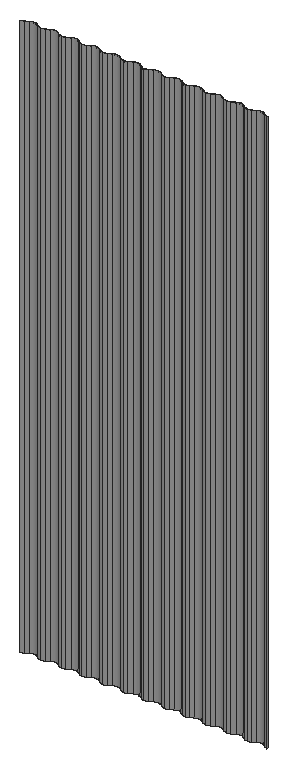
Revit family "Перфорированная панель", category Обобщенные модели, Revit 2021 (continued)
Forms (mm)
  Extrusion 677, void, not visible
    sketch origin (-450, 84.806, 1425) x (1, 0, 0) y (0, 0, 1)
      loop
        circle (1122.758, 20.908) r 15
    from 0 to 150
  Extrusion 678, void, not visible
    sketch origin (-540, 84.806, 1425) x (1, 0, 0) y (0, 0, 1)
      loop
        circle (1122.758, 20.908) r 15
    from 0 to 150
  Extrusion 679, void, not visible
    sketch origin (-630, 84.806, 1425) x (1, 0, 0) y (0, 0, 1)
      loop
        circle (1122.758, 20.908) r 15
    from 0 to 150
  Extrusion 680, void, not visible
    sketch origin (-720, 84.806, 1425) x (1, 0, 0) y (0, 0, 1)
      loop
        circle (1122.758, 20.908) r 15
    from 0 to 150
  Extrusion 681, void, not visible
    sketch origin (-810, 84.806, 1425) x (1, 0, 0) y (0, 0, 1)
      loop
        circle (1122.758, 20.908) r 15
    from 0 to 150
  Extrusion 682, void, not visible
    sketch origin (-900, 84.806, 1425) x (1, 0, 0) y (0, 0, 1)
      loop
        circle (1122.758, 20.908) r 15
    from 0 to 150
  Extrusion 683, void, not visible
    sketch origin (-990, 84.806, 1425) x (1, 0, 0) y (0, 0, 1)
      loop
        circle (1122.758, 20.908) r 15
    from 0 to 150
  Extrusion 684, void, not visible
    sketch origin (0, 84.806, 1500) x (1, 0, 0) y (0, 0, 1)
      loop
        circle (1122.758, 20.908) r 15
    from 0 to 150
  Extrusion 685, void, not visible
    sketch origin (-90, 84.806, 1500) x (1, 0, 0) y (0, 0, 1)
      loop
        circle (1122.758, 20.908) r 15
    from 0 to 150
  Extrusion 686, void, not visible
    sketch origin (-180, 84.806, 1500) x (1, 0, 0) y (0, 0, 1)
      loop
        circle (1122.758, 20.908) r 15
    from 0 to 150
  Extrusion 687, void, not visible
    sketch origin (-270, 84.806, 1500) x (1, 0, 0) y (0, 0, 1)
      loop
        circle (1122.758, 20.908) r 15
    from 0 to 150
  Extrusion 688, void, not visible
    sketch origin (-360, 84.806, 1500) x (1, 0, 0) y (0, 0, 1)
      loop
        circle (1122.758, 20.908) r 15
    from 0 to 150
  Extrusion 689, void, not visible
    sketch origin (-450, 84.806, 1500) x (1, 0, 0) y (0, 0, 1)
      loop
        circle (1122.758, 20.908) r 15
    from 0 to 150
  Extrusion 690, void, not visible
    sketch origin (-540, 84.806, 1500) x (1, 0, 0) y (0, 0, 1)
      loop
        circle (1122.758, 20.908) r 15
    from 0 to 150
  Extrusion 691, void, not visible
    sketch origin (-630, 84.806, 1500) x (1, 0, 0) y (0, 0, 1)
      loop
        circle (1122.758, 20.908) r 15
    from 0 to 150
  Extrusion 692, void, not visible
    sketch origin (-720, 84.806, 1500) x (1, 0, 0) y (0, 0, 1)
      loop
        circle (1122.758, 20.908) r 15
    from 0 to 150
  Extrusion 693, void, not visible
    sketch origin (-810, 84.806, 1500) x (1, 0, 0) y (0, 0, 1)
      loop
        circle (1122.758, 20.908) r 15
    from 0 to 150
  Extrusion 694, void, not visible
    sketch origin (-900, 84.806, 1500) x (1, 0, 0) y (0, 0, 1)
      loop
        circle (1122.758, 20.908) r 15
    from 0 to 150
  Extrusion 695, void, not visible
    sketch origin (-990, 84.806, 1500) x (1, 0, 0) y (0, 0, 1)
      loop
        circle (1122.758, 20.908) r 15
    from 0 to 150
  Extrusion 696, void, not visible
    sketch origin (0, 84.806, 1575) x (1, 0, 0) y (0, 0, 1)
      loop
        circle (1122.758, 20.908) r 15
    from 0 to 150
  Extrusion 697, void, not visible
    sketch origin (-90, 84.806, 1575) x (1, 0, 0) y (0, 0, 1)
      loop
        circle (1122.758, 20.908) r 15
    from 0 to 150
  Extrusion 698, void, not visible
    sketch origin (-180, 84.806, 1575) x (1, 0, 0) y (0, 0, 1)
      loop
        circle (1122.758, 20.908) r 15
    from 0 to 150
  Extrusion 699, void, not visible
    sketch origin (-270, 84.806, 1575) x (1, 0, 0) y (0, 0, 1)
      loop
        circle (1122.758, 20.908) r 15
    from 0 to 150
  Extrusion 700, void, not visible
    sketch origin (-360, 84.806, 1575) x (1, 0, 0) y (0, 0, 1)
      loop
        circle (1122.758, 20.908) r 15
    from 0 to 150
  Extrusion 701, void, not visible
    sketch origin (-450, 84.806, 1575) x (1, 0, 0) y (0, 0, 1)
      loop
        circle (1122.758, 20.908) r 15
    from 0 to 150
  Extrusion 702, void, not visible
    sketch origin (-540, 84.806, 1575) x (1, 0, 0) y (0, 0, 1)
      loop
        circle (1122.758, 20.908) r 15
    from 0 to 150
  Extrusion 703, void, not visible
    sketch origin (-630, 84.806, 1575) x (1, 0, 0) y (0, 0, 1)
      loop
        circle (1122.758, 20.908) r 15
    from 0 to 150
  Extrusion 704, void, not visible
    sketch origin (-720, 84.806, 1575) x (1, 0, 0) y (0, 0, 1)
      loop
        circle (1122.758, 20.908) r 15
    from 0 to 150
  Extrusion 705, void, not visible
    sketch origin (-810, 84.806, 1575) x (1, 0, 0) y (0, 0, 1)
      loop
        circle (1122.758, 20.908) r 15
    from 0 to 150
  Extrusion 706, void, not visible
    sketch origin (-900, 84.806, 1575) x (1, 0, 0) y (0, 0, 1)
      loop
        circle (1122.758, 20.908) r 15
    from 0 to 150
  Extrusion 707, void, not visible
    sketch origin (-990, 84.806, 1575) x (1, 0, 0) y (0, 0, 1)
      loop
        circle (1122.758, 20.908) r 15
    from 0 to 150
  Extrusion 708, void, not visible
    sketch origin (0, 84.806, 1650) x (1, 0, 0) y (0, 0, 1)
      loop
        circle (1122.758, 20.908) r 15
    from 0 to 150
  Extrusion 709, void, not visible
    sketch origin (-90, 84.806, 1650) x (1, 0, 0) y (0, 0, 1)
      loop
        circle (1122.758, 20.908) r 15
    from 0 to 150
  Extrusion 710, void, not visible
    sketch origin (-180, 84.806, 1650) x (1, 0, 0) y (0, 0, 1)
      loop
        circle (1122.758, 20.908) r 15
    from 0 to 150
  Extrusion 711, void, not visible
    sketch origin (-270, 84.806, 1650) x (1, 0, 0) y (0, 0, 1)
      loop
        circle (1122.758, 20.908) r 15
    from 0 to 150
  Extrusion 712, void, not visible
    sketch origin (-360, 84.806, 1650) x (1, 0, 0) y (0, 0, 1)
      loop
        circle (1122.758, 20.908) r 15
    from 0 to 150
  Extrusion 713, void, not visible
    sketch origin (-450, 84.806, 1650) x (1, 0, 0) y (0, 0, 1)
      loop
        circle (1122.758, 20.908) r 15
    from 0 to 150
  Extrusion 714, void, not visible
    sketch origin (-540, 84.806, 1650) x (1, 0, 0) y (0, 0, 1)
      loop
        circle (1122.758, 20.908) r 15
    from 0 to 150
  Extrusion 715, void, not visible
    sketch origin (-630, 84.806, 1650) x (1, 0, 0) y (0, 0, 1)
      loop
        circle (1122.758, 20.908) r 15
    from 0 to 150
  Extrusion 716, void, not visible
    sketch origin (-720, 84.806, 1650) x (1, 0, 0) y (0, 0, 1)
      loop
        circle (1122.758, 20.908) r 15
    from 0 to 150
  Extrusion 717, void, not visible
    sketch origin (-810, 84.806, 1650) x (1, 0, 0) y (0, 0, 1)
      loop
        circle (1122.758, 20.908) r 15
    from 0 to 150
  Extrusion 718, void, not visible
    sketch origin (-900, 84.806, 1650) x (1, 0, 0) y (0, 0, 1)
      loop
        circle (1122.758, 20.908) r 15
    from 0 to 150
  Extrusion 719, void, not visible
    sketch origin (-990, 84.806, 1650) x (1, 0, 0) y (0, 0, 1)
      loop
        circle (1122.758, 20.908) r 15
    from 0 to 150
  Extrusion 720, void, not visible
    sketch origin (0, 84.806, 1725) x (1, 0, 0) y (0, 0, 1)
      loop
        circle (1122.758, 20.908) r 15
    from 0 to 150
  Extrusion 721, void, not visible
    sketch origin (-90, 84.806, 1725) x (1, 0, 0) y (0, 0, 1)
      loop
        circle (1122.758, 20.908) r 15
    from 0 to 150
  Extrusion 722, void, not visible
    sketch origin (-180, 84.806, 1725) x (1, 0, 0) y (0, 0, 1)
      loop
        circle (1122.758, 20.908) r 15
    from 0 to 150
  Extrusion 723, void, not visible
    sketch origin (-270, 84.806, 1725) x (1, 0, 0) y (0, 0, 1)
      loop
        circle (1122.758, 20.908) r 15
    from 0 to 150
  Extrusion 724, void, not visible
    sketch origin (-360, 84.806, 1725) x (1, 0, 0) y (0, 0, 1)
      loop
        circle (1122.758, 20.908) r 15
    from 0 to 150
  Extrusion 725, void, not visible
    sketch origin (-450, 84.806, 1725) x (1, 0, 0) y (0, 0, 1)
      loop
        circle (1122.758, 20.908) r 15
    from 0 to 150
  Extrusion 726, void, not visible
    sketch origin (-540, 84.806, 1725) x (1, 0, 0) y (0, 0, 1)
      loop
        circle (1122.758, 20.908) r 15
    from 0 to 150
  Extrusion 727, void, not visible
    sketch origin (-630, 84.806, 1725) x (1, 0, 0) y (0, 0, 1)
      loop
        circle (1122.758, 20.908) r 15
    from 0 to 150
  Extrusion 728, void, not visible
    sketch origin (-720, 84.806, 1725) x (1, 0, 0) y (0, 0, 1)
      loop
        circle (1122.758, 20.908) r 15
    from 0 to 150
  Extrusion 729, void, not visible
    sketch origin (-810, 84.806, 1725) x (1, 0, 0) y (0, 0, 1)
      loop
        circle (1122.758, 20.908) r 15
    from 0 to 150
  Extrusion 730, void, not visible
    sketch origin (-900, 84.806, 1725) x (1, 0, 0) y (0, 0, 1)
      loop
        circle (1122.758, 20.908) r 15
    from 0 to 150
  Extrusion 731, void, not visible
    sketch origin (-990, 84.806, 1725) x (1, 0, 0) y (0, 0, 1)
      loop
        circle (1122.758, 20.908) r 15
    from 0 to 150
  Extrusion 732, void, not visible
    sketch origin (0, 84.806, 1800) x (1, 0, 0) y (0, 0, 1)
      loop
        circle (1122.758, 20.908) r 15
    from 0 to 150
  Extrusion 733, void, not visible
    sketch origin (-90, 84.806, 1800) x (1, 0, 0) y (0, 0, 1)
      loop
        circle (1122.758, 20.908) r 15
    from 0 to 150
  Extrusion 734, void, not visible
    sketch origin (-180, 84.806, 1800) x (1, 0, 0) y (0, 0, 1)
      loop
        circle (1122.758, 20.908) r 15
    from 0 to 150
  Extrusion 735, void, not visible
    sketch origin (-270, 84.806, 1800) x (1, 0, 0) y (0, 0, 1)
      loop
        circle (1122.758, 20.908) r 15
    from 0 to 150
  Extrusion 736, void, not visible
    sketch origin (-360, 84.806, 1800) x (1, 0, 0) y (0, 0, 1)
      loop
        circle (1122.758, 20.908) r 15
    from 0 to 150
  Extrusion 737, void, not visible
    sketch origin (-450, 84.806, 1800) x (1, 0, 0) y (0, 0, 1)
      loop
        circle (1122.758, 20.908) r 15
    from 0 to 150
  Extrusion 738, void, not visible
    sketch origin (-540, 84.806, 1800) x (1, 0, 0) y (0, 0, 1)
      loop
        circle (1122.758, 20.908) r 15
    from 0 to 150
  Extrusion 739, void, not visible
    sketch origin (-630, 84.806, 1800) x (1, 0, 0) y (0, 0, 1)
      loop
        circle (1122.758, 20.908) r 15
    from 0 to 150
  Extrusion 740, void, not visible
    sketch origin (-720, 84.806, 1800) x (1, 0, 0) y (0, 0, 1)
      loop
        circle (1122.758, 20.908) r 15
    from 0 to 150
  Extrusion 741, void, not visible
    sketch origin (-810, 84.806, 1800) x (1, 0, 0) y (0, 0, 1)
      loop
        circle (1122.758, 20.908) r 15
    from 0 to 150
  Extrusion 742, void, not visible
    sketch origin (-900, 84.806, 1800) x (1, 0, 0) y (0, 0, 1)
      loop
        circle (1122.758, 20.908) r 15
    from 0 to 150
  Extrusion 743, void, not visible
    sketch origin (-990, 84.806, 1800) x (1, 0, 0) y (0, 0, 1)
      loop
        circle (1122.758, 20.908) r 15
    from 0 to 150
  Extrusion 744, void, not visible
    sketch origin (0, 84.806, 1875) x (1, 0, 0) y (0, 0, 1)
      loop
        circle (1122.758, 20.908) r 15
    from 0 to 150
  Extrusion 745, void, not visible
    sketch origin (-90, 84.806, 1875) x (1, 0, 0) y (0, 0, 1)
      loop
        circle (1122.758, 20.908) r 15
    from 0 to 150
  Extrusion 746, void, not visible
    sketch origin (-180, 84.806, 1875) x (1, 0, 0) y (0, 0, 1)
      loop
        circle (1122.758, 20.908) r 15
    from 0 to 150
  Extrusion 747, void, not visible
    sketch origin (-270, 84.806, 1875) x (1, 0, 0) y (0, 0, 1)
      loop
        circle (1122.758, 20.908) r 15
    from 0 to 150
  Extrusion 748, void, not visible
    sketch origin (-360, 84.806, 1875) x (1, 0, 0) y (0, 0, 1)
      loop
        circle (1122.758, 20.908) r 15
    from 0 to 150
  Extrusion 749, void, not visible
    sketch origin (-450, 84.806, 1875) x (1, 0, 0) y (0, 0, 1)
      loop
        circle (1122.758, 20.908) r 15
    from 0 to 150
  Extrusion 750, void, not visible
    sketch origin (-540, 84.806, 1875) x (1, 0, 0) y (0, 0, 1)
      loop
        circle (1122.758, 20.908) r 15
    from 0 to 150
  Extrusion 751, void, not visible
    sketch origin (-630, 84.806, 1875) x (1, 0, 0) y (0, 0, 1)
      loop
        circle (1122.758, 20.908) r 15
    from 0 to 150
  Extrusion 752, void, not visible
    sketch origin (-720, 84.806, 1875) x (1, 0, 0) y (0, 0, 1)
      loop
        circle (1122.758, 20.908) r 15
    from 0 to 150
  Extrusion 753, void, not visible
    sketch origin (-810, 84.806, 1875) x (1, 0, 0) y (0, 0, 1)
      loop
        circle (1122.758, 20.908) r 15
    from 0 to 150
  Extrusion 754, void, not visible
    sketch origin (-900, 84.806, 1875) x (1, 0, 0) y (0, 0, 1)
      loop
        circle (1122.758, 20.908) r 15
    from 0 to 150
  Extrusion 755, void, not visible
    sketch origin (-990, 84.806, 1875) x (1, 0, 0) y (0, 0, 1)
      loop
        circle (1122.758, 20.908) r 15
    from 0 to 150
  Extrusion 756, void, not visible
    sketch origin (0, 84.806, 1950) x (1, 0, 0) y (0, 0, 1)
      loop
        circle (1122.758, 20.908) r 15
    from 0 to 150
  Extrusion 757, void, not visible
    sketch origin (-90, 84.806, 1950) x (1, 0, 0) y (0, 0, 1)
      loop
        circle (1122.758, 20.908) r 15
    from 0 to 150
  Extrusion 758, void, not visible
    sketch origin (-180, 84.806, 1950) x (1, 0, 0) y (0, 0, 1)
      loop
        circle (1122.758, 20.908) r 15
    from 0 to 150
  Extrusion 759, void, not visible
    sketch origin (-270, 84.806, 1950) x (1, 0, 0) y (0, 0, 1)
      loop
        circle (1122.758, 20.908) r 15
    from 0 to 150
  Extrusion 760, void, not visible
    sketch origin (-360, 84.806, 1950) x (1, 0, 0) y (0, 0, 1)
      loop
        circle (1122.758, 20.908) r 15
    from 0 to 150
  Extrusion 761, void, not visible
    sketch origin (-450, 84.806, 1950) x (1, 0, 0) y (0, 0, 1)
      loop
        circle (1122.758, 20.908) r 15
    from 0 to 150
  Extrusion 762, void, not visible
    sketch origin (-540, 84.806, 1950) x (1, 0, 0) y (0, 0, 1)
      loop
        circle (1122.758, 20.908) r 15
    from 0 to 150
  Extrusion 763, void, not visible
    sketch origin (-630, 84.806, 1950) x (1, 0, 0) y (0, 0, 1)
      loop
        circle (1122.758, 20.908) r 15
    from 0 to 150
  Extrusion 764, void, not visible
    sketch origin (-720, 84.806, 1950) x (1, 0, 0) y (0, 0, 1)
      loop
        circle (1122.758, 20.908) r 15
    from 0 to 150
  Extrusion 765, void, not visible
    sketch origin (-810, 84.806, 1950) x (1, 0, 0) y (0, 0, 1)
      loop
        circle (1122.758, 20.908) r 15
    from 0 to 150
  Extrusion 766, void, not visible
    sketch origin (-900, 84.806, 1950) x (1, 0, 0) y (0, 0, 1)
      loop
        circle (1122.758, 20.908) r 15
    from 0 to 150
  Extrusion 767, void, not visible
    sketch origin (-990, 84.806, 1950) x (1, 0, 0) y (0, 0, 1)
      loop
        circle (1122.758, 20.908) r 15
    from 0 to 150
  Extrusion 768, void, not visible
    sketch origin (0, 84.806, 2025) x (1, 0, 0) y (0, 0, 1)
      loop
        circle (1122.758, 20.908) r 15
    from 0 to 150
  Extrusion 769, void, not visible
    sketch origin (-90, 84.806, 2025) x (1, 0, 0) y (0, 0, 1)
      loop
        circle (1122.758, 20.908) r 15
    from 0 to 150
  Extrusion 770, void, not visible
    sketch origin (-180, 84.806, 2025) x (1, 0, 0) y (0, 0, 1)
      loop
        circle (1122.758, 20.908) r 15
    from 0 to 150
  Extrusion 771, void, not visible
    sketch origin (-270, 84.806, 2025) x (1, 0, 0) y (0, 0, 1)
      loop
        circle (1122.758, 20.908) r 15
    from 0 to 150
  Extrusion 772, void, not visible
    sketch origin (-360, 84.806, 2025) x (1, 0, 0) y (0, 0, 1)
      loop
        circle (1122.758, 20.908) r 15
    from 0 to 150
  Extrusion 773, void, not visible
    sketch origin (-450, 84.806, 2025) x (1, 0, 0) y (0, 0, 1)
      loop
        circle (1122.758, 20.908) r 15
    from 0 to 150
  Extrusion 774, void, not visible
    sketch origin (-540, 84.806, 2025) x (1, 0, 0) y (0, 0, 1)
      loop
        circle (1122.758, 20.908) r 15
    from 0 to 150
  Extrusion 775, void, not visible
    sketch origin (-630, 84.806, 2025) x (1, 0, 0) y (0, 0, 1)
      loop
        circle (1122.758, 20.908) r 15
    from 0 to 150
  Extrusion 776, void, not visible
    sketch origin (-720, 84.806, 2025) x (1, 0, 0) y (0, 0, 1)
      loop
        circle (1122.758, 20.908) r 15
    from 0 to 150
  Extrusion 777, void, not visible
    sketch origin (-810, 84.806, 2025) x (1, 0, 0) y (0, 0, 1)
      loop
        circle (1122.758, 20.908) r 15
    from 0 to 150
  Extrusion 778, void, not visible
    sketch origin (-900, 84.806, 2025) x (1, 0, 0) y (0, 0, 1)
      loop
        circle (1122.758, 20.908) r 15
    from 0 to 150
  Extrusion 779, void, not visible
    sketch origin (-990, 84.806, 2025) x (1, 0, 0) y (0, 0, 1)
      loop
        circle (1122.758, 20.908) r 15
    from 0 to 150
  Extrusion 780, void, not visible
    sketch origin (0, 84.806, 2100) x (1, 0, 0) y (0, 0, 1)
      loop
        circle (1122.758, 20.908) r 15
    from 0 to 150
  Extrusion 781, void, not visible
    sketch origin (-90, 84.806, 2100) x (1, 0, 0) y (0, 0, 1)
      loop
        circle (1122.758, 20.908) r 15
    from 0 to 150
  Extrusion 782, void, not visible
    sketch origin (-180, 84.806, 2100) x (1, 0, 0) y (0, 0, 1)
      loop
        circle (1122.758, 20.908) r 15
    from 0 to 150
  Extrusion 783, void, not visible
    sketch origin (-270, 84.806, 2100) x (1, 0, 0) y (0, 0, 1)
      loop
        circle (1122.758, 20.908) r 15
    from 0 to 150
  Extrusion 784, void, not visible
    sketch origin (-360, 84.806, 2100) x (1, 0, 0) y (0, 0, 1)
      loop
        circle (1122.758, 20.908) r 15
    from 0 to 150
  Extrusion 785, void, not visible
    sketch origin (-450, 84.806, 2100) x (1, 0, 0) y (0, 0, 1)
      loop
        circle (1122.758, 20.908) r 15
    from 0 to 150
  Extrusion 786, void, not visible
    sketch origin (-540, 84.806, 2100) x (1, 0, 0) y (0, 0, 1)
      loop
        circle (1122.758, 20.908) r 15
    from 0 to 150
  Extrusion 787, void, not visible
    sketch origin (-630, 84.806, 2100) x (1, 0, 0) y (0, 0, 1)
      loop
        circle (1122.758, 20.908) r 15
    from 0 to 150
  Extrusion 788, void, not visible
    sketch origin (-720, 84.806, 2100) x (1, 0, 0) y (0, 0, 1)
      loop
        circle (1122.758, 20.908) r 15
    from 0 to 150
  Extrusion 789, void, not visible
    sketch origin (-810, 84.806, 2100) x (1, 0, 0) y (0, 0, 1)
      loop
        circle (1122.758, 20.908) r 15
    from 0 to 150
  Extrusion 790, void, not visible
    sketch origin (-900, 84.806, 2100) x (1, 0, 0) y (0, 0, 1)
      loop
        circle (1122.758, 20.908) r 15
    from 0 to 150
  Extrusion 791, void, not visible
    sketch origin (-990, 84.806, 2100) x (1, 0, 0) y (0, 0, 1)
      loop
        circle (1122.758, 20.908) r 15
    from 0 to 150
  Extrusion 792, void, not visible
    sketch origin (0, 84.806, 2175) x (1, 0, 0) y (0, 0, 1)
      loop
        circle (1122.758, 20.908) r 15
    from 0 to 150
  Extrusion 793, void, not visible
    sketch origin (-90, 84.806, 2175) x (1, 0, 0) y (0, 0, 1)
      loop
        circle (1122.758, 20.908) r 15
    from 0 to 150
  Extrusion 794, void, not visible
    sketch origin (-180, 84.806, 2175) x (1, 0, 0) y (0, 0, 1)
      loop
        circle (1122.758, 20.908) r 15
    from 0 to 150
  Extrusion 795, void, not visible
    sketch origin (-270, 84.806, 2175) x (1, 0, 0) y (0, 0, 1)
      loop
        circle (1122.758, 20.908) r 15
    from 0 to 150
  Extrusion 796, void, not visible
    sketch origin (-360, 84.806, 2175) x (1, 0, 0) y (0, 0, 1)
      loop
        circle (1122.758, 20.908) r 15
    from 0 to 150
  Extrusion 797, void, not visible
    sketch origin (-450, 84.806, 2175) x (1, 0, 0) y (0, 0, 1)
      loop
        circle (1122.758, 20.908) r 15
    from 0 to 150
  Extrusion 798, void, not visible
    sketch origin (-540, 84.806, 2175) x (1, 0, 0) y (0, 0, 1)
      loop
        circle (1122.758, 20.908) r 15
    from 0 to 150
  Extrusion 799, void, not visible
    sketch origin (-630, 84.806, 2175) x (1, 0, 0) y (0, 0, 1)
      loop
        circle (1122.758, 20.908) r 15
    from 0 to 150
  Extrusion 800, void, not visible
    sketch origin (-720, 84.806, 2175) x (1, 0, 0) y (0, 0, 1)
      loop
        circle (1122.758, 20.908) r 15
    from 0 to 150
  Extrusion 801, void, not visible
    sketch origin (-810, 84.806, 2175) x (1, 0, 0) y (0, 0, 1)
      loop
        circle (1122.758, 20.908) r 15
    from 0 to 150
  Extrusion 802, void, not visible
    sketch origin (-900, 84.806, 2175) x (1, 0, 0) y (0, 0, 1)
      loop
        circle (1122.758, 20.908) r 15
    from 0 to 150
  Extrusion 803, void, not visible
    sketch origin (-990, 84.806, 2175) x (1, 0, 0) y (0, 0, 1)
      loop
        circle (1122.758, 20.908) r 15
    from 0 to 150
  Extrusion 804, void, not visible
    sketch origin (0, 84.806, 2250) x (1, 0, 0) y (0, 0, 1)
      loop
        circle (1122.758, 20.908) r 15
    from 0 to 150
  Extrusion 805, void, not visible
    sketch origin (-90, 84.806, 2250) x (1, 0, 0) y (0, 0, 1)
      loop
        circle (1122.758, 20.908) r 15
    from 0 to 150
  Extrusion 806, void, not visible
    sketch origin (-180, 84.806, 2250) x (1, 0, 0) y (0, 0, 1)
      loop
        circle (1122.758, 20.908) r 15
    from 0 to 150
  Extrusion 807, void, not visible
    sketch origin (-270, 84.806, 2250) x (1, 0, 0) y (0, 0, 1)
      loop
        circle (1122.758, 20.908) r 15
    from 0 to 150
  Extrusion 808, void, not visible
    sketch origin (-360, 84.806, 2250) x (1, 0, 0) y (0, 0, 1)
      loop
        circle (1122.758, 20.908) r 15
    from 0 to 150
  Extrusion 809, void, not visible
    sketch origin (-450, 84.806, 2250) x (1, 0, 0) y (0, 0, 1)
      loop
        circle (1122.758, 20.908) r 15
    from 0 to 150
  Extrusion 810, void, not visible
    sketch origin (-540, 84.806, 2250) x (1, 0, 0) y (0, 0, 1)
      loop
        circle (1122.758, 20.908) r 15
    from 0 to 150
  Extrusion 811, void, not visible
    sketch origin (-630, 84.806, 2250) x (1, 0, 0) y (0, 0, 1)
      loop
        circle (1122.758, 20.908) r 15
    from 0 to 150
  Extrusion 812, void, not visible
    sketch origin (-720, 84.806, 2250) x (1, 0, 0) y (0, 0, 1)
      loop
        circle (1122.758, 20.908) r 15
    from 0 to 150
  Extrusion 813, void, not visible
    sketch origin (-810, 84.806, 2250) x (1, 0, 0) y (0, 0, 1)
      loop
        circle (1122.758, 20.908) r 15
    from 0 to 150
  Extrusion 814, void, not visible
    sketch origin (-900, 84.806, 2250) x (1, 0, 0) y (0, 0, 1)
      loop
        circle (1122.758, 20.908) r 15
    from 0 to 150
  Extrusion 815, void, not visible
    sketch origin (-990, 84.806, 2250) x (1, 0, 0) y (0, 0, 1)
      loop
        circle (1122.758, 20.908) r 15
    from 0 to 150
  Extrusion 816, void, not visible
    sketch origin (0, 84.806, 2325) x (1, 0, 0) y (0, 0, 1)
      loop
        circle (1122.758, 20.908) r 15
    from 0 to 150
  Extrusion 817, void, not visible
    sketch origin (-90, 84.806, 2325) x (1, 0, 0) y (0, 0, 1)
      loop
        circle (1122.758, 20.908) r 15
    from 0 to 150
  Extrusion 818, void, not visible
    sketch origin (-180, 84.806, 2325) x (1, 0, 0) y (0, 0, 1)
      loop
        circle (1122.758, 20.908) r 15
    from 0 to 150
  Extrusion 819, void, not visible
    sketch origin (-270, 84.806, 2325) x (1, 0, 0) y (0, 0, 1)
      loop
        circle (1122.758, 20.908) r 15
    from 0 to 150
  Extrusion 820, void, not visible
    sketch origin (-360, 84.806, 2325) x (1, 0, 0) y (0, 0, 1)
      loop
        circle (1122.758, 20.908) r 15
    from 0 to 150
  Extrusion 821, void, not visible
    sketch origin (-450, 84.806, 2325) x (1, 0, 0) y (0, 0, 1)
      loop
        circle (1122.758, 20.908) r 15
    from 0 to 150
  Extrusion 822, void, not visible
    sketch origin (-540, 84.806, 2325) x (1, 0, 0) y (0, 0, 1)
      loop
        circle (1122.758, 20.908) r 15
    from 0 to 150
  Extrusion 823, void, not visible
    sketch origin (-630, 84.806, 2325) x (1, 0, 0) y (0, 0, 1)
      loop
        circle (1122.758, 20.908) r 15
    from 0 to 150
  Extrusion 824, void, not visible
    sketch origin (-720, 84.806, 2325) x (1, 0, 0) y (0, 0, 1)
      loop
        circle (1122.758, 20.908) r 15
    from 0 to 150
  Extrusion 825, void, not visible
    sketch origin (-810, 84.806, 2325) x (1, 0, 0) y (0, 0, 1)
      loop
        circle (1122.758, 20.908) r 15
    from 0 to 150
  Extrusion 826, void, not visible
    sketch origin (-900, 84.806, 2325) x (1, 0, 0) y (0, 0, 1)
      loop
        circle (1122.758, 20.908) r 15
    from 0 to 150
  Extrusion 827, void, not visible
    sketch origin (-990, 84.806, 2325) x (1, 0, 0) y (0, 0, 1)
      loop
        circle (1122.758, 20.908) r 15
    from 0 to 150
  Extrusion 828, void, not visible
    sketch origin (0, 84.806, 2400) x (1, 0, 0) y (0, 0, 1)
      loop
        circle (1122.758, 20.908) r 15
    from 0 to 150
  Extrusion 829, void, not visible
    sketch origin (-90, 84.806, 2400) x (1, 0, 0) y (0, 0, 1)
      loop
        circle (1122.758, 20.908) r 15
    from 0 to 150
  Extrusion 830, void, not visible
    sketch origin (-180, 84.806, 2400) x (1, 0, 0) y (0, 0, 1)
      loop
        circle (1122.758, 20.908) r 15
    from 0 to 150
  Extrusion 831, void, not visible
    sketch origin (-270, 84.806, 2400) x (1, 0, 0) y (0, 0, 1)
      loop
        circle (1122.758, 20.908) r 15
    from 0 to 150
  Extrusion 832, void, not visible
    sketch origin (-360, 84.806, 2400) x (1, 0, 0) y (0, 0, 1)
      loop
        circle (1122.758, 20.908) r 15
    from 0 to 150
  Extrusion 833, void, not visible
    sketch origin (-450, 84.806, 2400) x (1, 0, 0) y (0, 0, 1)
      loop
        circle (1122.758, 20.908) r 15
    from 0 to 150
  Extrusion 834, void, not visible
    sketch origin (-540, 84.806, 2400) x (1, 0, 0) y (0, 0, 1)
      loop
        circle (1122.758, 20.908) r 15
    from 0 to 150
  Extrusion 835, void, not visible
    sketch origin (-630, 84.806, 2400) x (1, 0, 0) y (0, 0, 1)
      loop
        circle (1122.758, 20.908) r 15
    from 0 to 150
  Extrusion 836, void, not visible
    sketch origin (-720, 84.806, 2400) x (1, 0, 0) y (0, 0, 1)
      loop
        circle (1122.758, 20.908) r 15
    from 0 to 150
  Extrusion 837, void, not visible
    sketch origin (-810, 84.806, 2400) x (1, 0, 0) y (0, 0, 1)
      loop
        circle (1122.758, 20.908) r 15
    from 0 to 150
  Extrusion 838, void, not visible
    sketch origin (-900, 84.806, 2400) x (1, 0, 0) y (0, 0, 1)
      loop
        circle (1122.758, 20.908) r 15
    from 0 to 150
  Extrusion 839, void, not visible
    sketch origin (-990, 84.806, 2400) x (1, 0, 0) y (0, 0, 1)
      loop
        circle (1122.758, 20.908) r 15
    from 0 to 150
  Extrusion 840, solid, material "Перфорированный" <- "Материал", visible <- "32мм"
    sketch origin (0, 0, 0) x (1, 0, 0) y (0, 1, 0)
      loop
        arc (0, -6.985) -> (7.065, -5.541) -> (12.996, -1.439) r 18
        line (12.996, -1.439) -> (32.986, 19.421)
        arc (32.986, 19.421) -> (46, 24.974) -> (59.014, 19.421) r 18.025
        line (59.014, 19.421) -> (79.004, -1.439)
        arc (79.004, -1.439) -> (84.935, -5.541) -> (92, -6.985) r 18
        arc (92, -6.985) -> (99.065, -5.541) -> (104.996, -1.439) r 18
        line (104.996, -1.439) -> (124.986, 19.421)
        arc (124.986, 19.421) -> (138, 24.974) -> (151.014, 19.421) r 18.025
        line (151.014, 19.421) -> (171.004, -1.439)
        arc (171.004, -1.439) -> (176.935, -5.541) -> (184, -6.985) r 18
        arc (184, -6.985) -> (191.065, -5.541) -> (196.996, -1.439) r 18
        line (196.996, -1.439) -> (216.986, 19.421)
        arc (216.986, 19.421) -> (230, 24.974) -> (243.014, 19.421) r 18.025
        line (243.014, 19.421) -> (263.004, -1.439)
        arc (263.004, -1.439) -> (268.935, -5.541) -> (276, -6.985) r 18
        arc (276, -6.985) -> (283.065, -5.541) -> (288.996, -1.439) r 18
        line (288.996, -1.439) -> (308.986, 19.421)
        arc (308.986, 19.421) -> (322, 24.974) -> (335.014, 19.421) r 18.025
        line (335.014, 19.421) -> (355.004, -1.439)
        arc (355.004, -1.439) -> (360.935, -5.541) -> (368, -6.985) r 18
        arc (368, -6.985) -> (375.065, -5.541) -> (380.996, -1.439) r 18
        line (380.996, -1.439) -> (400.986, 19.421)
        arc (400.986, 19.421) -> (414, 24.974) -> (427.014, 19.421) r 18.025
        line (427.014, 19.421) -> (447.004, -1.439)
        arc (447.004, -1.439) -> (452.935, -5.541) -> (460, -6.985) r 18
        arc (460, -6.985) -> (467.065, -5.541) -> (472.996, -1.439) r 18
        line (472.996, -1.439) -> (492.986, 19.421)
        arc (492.986, 19.421) -> (506, 24.974) -> (519.014, 19.421) r 18.025
        line (519.014, 19.421) -> (539.004, -1.439)
        arc (539.004, -1.439) -> (544.935, -5.541) -> (552, -6.985) r 18
        arc (552, -6.985) -> (559.065, -5.541) -> (564.996, -1.439) r 18
        line (564.996, -1.439) -> (584.986, 19.421)
        arc (584.986, 19.421) -> (598, 24.974) -> (611.014, 19.421) r 18.025
        line (611.014, 19.421) -> (631.004, -1.439)
        arc (631.004, -1.439) -> (636.935, -5.541) -> (644, -6.985) r 18
        arc (644, -6.985) -> (651.065, -5.541) -> (656.996, -1.439) r 18
        line (656.996, -1.439) -> (676.986, 19.421)
        arc (676.986, 19.421) -> (690, 24.974) -> (703.014, 19.421) r 18.025
        line (703.014, 19.421) -> (723.004, -1.439)
        arc (723.004, -1.439) -> (728.935, -5.541) -> (736, -6.985) r 18
        arc (736, -6.985) -> (743.065, -5.541) -> (748.996, -1.439) r 18
        line (748.996, -1.439) -> (768.986, 19.421)
        arc (768.986, 19.421) -> (782, 24.974) -> (795.014, 19.421) r 18.025
        line (795.014, 19.421) -> (815.004, -1.439)
        arc (815.004, -1.439) -> (820.935, -5.541) -> (828, -6.985) r 18
        arc (828, -6.985) -> (835.065, -5.541) -> (840.996, -1.439) r 18
        line (840.996, -1.439) -> (860.986, 19.421)
        arc (860.986, 19.421) -> (874, 24.974) -> (887.014, 19.421) r 18.025
        line (887.014, 19.421) -> (907.004, -1.439)
        arc (907.004, -1.439) -> (912.935, -5.541) -> (920, -6.985) r 18
        arc (920, -6.985) -> (927.065, -5.541) -> (932.996, -1.439) r 18
        line (932.996, -1.439) -> (952.986, 19.421)
        arc (952.986, 19.421) -> (966, 24.974) -> (979.014, 19.421) r 18.025
        line (979.014, 19.421) -> (999.004, -1.439)
        arc (999.004, -1.439) -> (1004.935, -5.541) -> (1012, -6.985) r 18
        arc (1012, -6.985) -> (1019.065, -5.541) -> (1024.996, -1.439) r 18
        line (1024.996, -1.439) -> (1044.986, 19.421)
        arc (1044.986, 19.421) -> (1058, 24.974) -> (1071.014, 19.421) r 18.025
        line (1071.014, 19.421) -> (1091.004, -1.439)
        arc (1091.004, -1.439) -> (1095.128, -4.647) -> (1100, -6.535) r 18
        line (1100, -6.535) -> (1100, -5.508)
        arc (1100, -5.508) -> (1095.522, -3.72) -> (1091.726, -0.747) r 17
        line (1091.726, -0.747) -> (1071.736, 20.113)
        arc (1071.736, 20.113) -> (1058, 25.974) -> (1044.264, 20.113) r 19.025
        line (1044.264, 20.113) -> (1024.274, -0.747)
        arc (1024.274, -0.747) -> (1018.672, -4.621) -> (1012, -5.985) r 17
        arc (1012, -5.985) -> (1005.328, -4.621) -> (999.726, -0.747) r 17
        line (999.726, -0.747) -> (979.736, 20.113)
        arc (979.736, 20.113) -> (966, 25.974) -> (952.264, 20.113) r 19.025
        line (952.264, 20.113) -> (932.274, -0.747)
        arc (932.274, -0.747) -> (926.672, -4.621) -> (920, -5.985) r 17
        arc (920, -5.985) -> (913.328, -4.621) -> (907.726, -0.747) r 17
        line (907.726, -0.747) -> (887.736, 20.113)
        arc (887.736, 20.113) -> (874, 25.974) -> (860.264, 20.113) r 19.025
        line (860.264, 20.113) -> (840.274, -0.747)
        arc (840.274, -0.747) -> (834.672, -4.621) -> (828, -5.985) r 17
        arc (828, -5.985) -> (821.328, -4.621) -> (815.726, -0.747) r 17
        line (815.726, -0.747) -> (795.736, 20.113)
        arc (795.736, 20.113) -> (782, 25.974) -> (768.264, 20.113) r 19.025
        line (768.264, 20.113) -> (748.274, -0.747)
        arc (748.274, -0.747) -> (742.672, -4.621) -> (736, -5.985) r 17
        arc (736, -5.985) -> (729.328, -4.621) -> (723.726, -0.747) r 17
        line (723.726, -0.747) -> (703.736, 20.113)
        arc (703.736, 20.113) -> (690, 25.974) -> (676.264, 20.113) r 19.025
        line (676.264, 20.113) -> (656.274, -0.747)
        arc (656.274, -0.747) -> (650.672, -4.621) -> (644, -5.985) r 17
        arc (644, -5.985) -> (637.328, -4.621) -> (631.726, -0.747) r 17
        line (631.726, -0.747) -> (611.736, 20.113)
        arc (611.736, 20.113) -> (598, 25.974) -> (584.264, 20.113) r 19.025
        line (584.264, 20.113) -> (564.274, -0.747)
        arc (564.274, -0.747) -> (558.672, -4.621) -> (552, -5.985) r 17
        arc (552, -5.985) -> (545.328, -4.621) -> (539.726, -0.747) r 17
        line (539.726, -0.747) -> (519.736, 20.113)
        arc (519.736, 20.113) -> (506, 25.974) -> (492.264, 20.113) r 19.025
        line (492.264, 20.113) -> (472.274, -0.747)
        arc (472.274, -0.747) -> (466.672, -4.621) -> (460, -5.985) r 17
        arc (460, -5.985) -> (453.328, -4.621) -> (447.726, -0.747) r 17
        line (447.726, -0.747) -> (427.736, 20.113)
        arc (427.736, 20.113) -> (414, 25.974) -> (400.264, 20.113) r 19.025
        line (400.264, 20.113) -> (380.274, -0.747)
        arc (380.274, -0.747) -> (374.672, -4.621) -> (368, -5.985) r 17
        arc (368, -5.985) -> (361.328, -4.621) -> (355.726, -0.747) r 17
        line (355.726, -0.747) -> (335.736, 20.113)
        arc (335.736, 20.113) -> (322, 25.974) -> (308.264, 20.113) r 19.025
        line (308.264, 20.113) -> (288.274, -0.747)
        arc (288.274, -0.747) -> (282.672, -4.621) -> (276, -5.985) r 17
        arc (276, -5.985) -> (269.328, -4.621) -> (263.726, -0.747) r 17
        line (263.726, -0.747) -> (243.736, 20.113)
        arc (243.736, 20.113) -> (230, 25.974) -> (216.264, 20.113) r 19.025
        line (216.264, 20.113) -> (196.274, -0.747)
        arc (196.274, -0.747) -> (190.672, -4.621) -> (184, -5.985) r 17
        arc (184, -5.985) -> (177.328, -4.621) -> (171.726, -0.747) r 17
        line (171.726, -0.747) -> (151.736, 20.113)
        arc (151.736, 20.113) -> (138, 25.974) -> (124.264, 20.113) r 19.025
        line (124.264, 20.113) -> (104.274, -0.747)
        arc (104.274, -0.747) -> (98.672, -4.621) -> (92, -5.985) r 17
        arc (92, -5.985) -> (85.328, -4.621) -> (79.726, -0.747) r 17
        line (79.726, -0.747) -> (59.736, 20.113)
        arc (59.736, 20.113) -> (46, 25.974) -> (32.264, 20.113) r 19.025
        line (32.264, 20.113) -> (12.274, -0.747)
        arc (12.274, -0.747) -> (6.672, -4.621) -> (0, -5.985) r 17
        line (0, -5.985) -> (0, -6.985)
    from 0 to 2520
  Extrusion 841, solid, material "Перфорированный" <- "Материал", visible <- "44мм"
    sketch origin (0, 0, 0) x (1, 0, 0) y (0, 1, 0)
      loop
        line (13.367, -5.659) -> (32.629, 23.652)
        arc (32.629, 23.652) -> (46, 30.866) -> (59.371, 23.652) r 16
        line (59.371, 23.652) -> (78.629, -5.652)
        arc (78.629, -5.652) -> (84.404, -10.947) -> (92, -12.866) r 16
        arc (92, -12.866) -> (99.594, -10.948) -> (105.367, -5.655) r 15.995
        line (105.367, -5.655) -> (124.629, 23.656)
        arc (124.629, 23.656) -> (138, 30.87) -> (151.371, 23.656) r 16
        line (151.371, 23.656) -> (170.629, -5.648)
        arc (170.629, -5.648) -> (176.404, -10.943) -> (184, -12.861) r 16
        arc (184, -12.861) -> (191.594, -10.944) -> (197.367, -5.651) r 15.995
        line (197.367, -5.651) -> (216.629, 23.661)
        arc (216.629, 23.661) -> (230, 30.874) -> (243.371, 23.661) r 16
        line (243.371, 23.661) -> (262.629, -5.644)
        arc (262.629, -5.644) -> (268.404, -10.939) -> (276, -12.857) r 16
        arc (276, -12.857) -> (283.594, -10.94) -> (289.367, -5.646) r 15.995
        line (289.367, -5.646) -> (308.629, 23.665)
        arc (308.629, 23.665) -> (322, 30.878) -> (335.371, 23.665) r 16
        line (335.371, 23.665) -> (354.629, -5.64)
        arc (354.629, -5.64) -> (360.404, -10.935) -> (368, -12.853) r 16
        arc (368, -12.853) -> (375.594, -10.936) -> (381.367, -5.642) r 15.995
        line (381.367, -5.642) -> (400.629, 23.669)
        arc (400.629, 23.669) -> (414, 30.882) -> (427.371, 23.669) r 16
        line (427.371, 23.669) -> (446.629, -5.636)
        arc (446.629, -5.636) -> (452.404, -10.931) -> (460, -12.849) r 16
        arc (460, -12.849) -> (467.594, -10.932) -> (473.367, -5.638) r 15.995
        line (473.367, -5.638) -> (492.629, 23.673)
        arc (492.629, 23.673) -> (506, 30.886) -> (519.371, 23.673) r 16
        line (519.371, 23.673) -> (538.629, -5.632)
        arc (538.629, -5.632) -> (544.404, -10.927) -> (552, -12.845) r 16
        arc (552, -12.845) -> (559.594, -10.928) -> (565.367, -5.634) r 15.995
        line (565.367, -5.634) -> (584.629, 23.677)
        arc (584.629, 23.677) -> (598, 30.89) -> (611.371, 23.677) r 16
        line (611.371, 23.677) -> (630.629, -5.628)
        arc (630.629, -5.628) -> (636.404, -10.923) -> (644, -12.841) r 16
        arc (644, -12.841) -> (651.594, -10.923) -> (657.367, -5.63) r 15.995
        line (657.367, -5.63) -> (676.629, 23.681)
        arc (676.629, 23.681) -> (690, 30.894) -> (703.371, 23.681) r 16
        line (703.371, 23.681) -> (722.629, -5.624)
        arc (722.629, -5.624) -> (728.404, -10.919) -> (736, -12.837) r 16
        arc (736, -12.837) -> (743.594, -10.919) -> (749.367, -5.626) r 15.995
        line (749.367, -5.626) -> (768.629, 23.685)
        arc (768.629, 23.685) -> (782, 30.898) -> (795.371, 23.685) r 16
        line (795.371, 23.685) -> (814.629, -5.62)
        arc (814.629, -5.62) -> (820.404, -10.915) -> (828, -12.833) r 16
        arc (828, -12.833) -> (835.594, -10.915) -> (841.367, -5.622) r 15.995
        line (841.367, -5.622) -> (860.629, 23.689)
        arc (860.629, 23.689) -> (874, 30.902) -> (887.371, 23.689) r 16
        line (887.371, 23.689) -> (906.629, -5.616)
        arc (906.629, -5.616) -> (912.404, -10.911) -> (920, -12.829) r 16
        arc (920, -12.829) -> (927.594, -10.911) -> (933.367, -5.618) r 15.995
        line (933.367, -5.618) -> (952.629, 23.693)
        arc (952.629, 23.693) -> (966, 30.906) -> (979.371, 23.693) r 16
        line (979.371, 23.693) -> (998.629, -5.612)
        arc (998.629, -5.612) -> (1004.404, -10.907) -> (1012, -12.825) r 16
        arc (1012, -12.825) -> (1019.594, -10.907) -> (1025.367, -5.614) r 15.995
        line (1025.367, -5.614) -> (1044.629, 23.697)
        arc (1044.629, 23.697) -> (1058, 30.91) -> (1071.371, 23.697) r 16
        line (1071.371, 23.697) -> (1090.629, -5.608)
        arc (1090.629, -5.608) -> (1094.69, -9.833) -> (1100, -12.313) r 16
        line (1100, -12.313) -> (1100, -11.278)
        arc (1100, -11.278) -> (1095.167, -8.944) -> (1091.464, -5.059) r 15
        line (1091.464, -5.059) -> (1072.207, 24.246)
        arc (1072.207, 24.246) -> (1058, 31.91) -> (1043.793, 24.246) r 17
        line (1043.793, 24.246) -> (1024.531, -5.065)
        arc (1024.531, -5.065) -> (1019.119, -10.027) -> (1012, -11.825) r 14.995
        arc (1012, -11.825) -> (1004.878, -10.027) -> (999.464, -5.063) r 15
        line (999.464, -5.063) -> (980.207, 24.242)
        arc (980.207, 24.242) -> (966, 31.906) -> (951.793, 24.242) r 17
        line (951.793, 24.242) -> (932.531, -5.069)
        arc (932.531, -5.069) -> (927.119, -10.031) -> (920, -11.829) r 14.995
        arc (920, -11.829) -> (912.878, -10.031) -> (907.464, -5.067) r 15
        line (907.464, -5.067) -> (888.207, 24.238)
        arc (888.207, 24.238) -> (874, 31.902) -> (859.793, 24.238) r 17
        line (859.793, 24.238) -> (840.531, -5.073)
        arc (840.531, -5.073) -> (835.119, -10.035) -> (828, -11.833) r 14.995
        arc (828, -11.833) -> (820.878, -10.035) -> (815.464, -5.071) r 15
        line (815.464, -5.071) -> (796.207, 24.234)
        arc (796.207, 24.234) -> (782, 31.898) -> (767.793, 24.234) r 17
        line (767.793, 24.234) -> (748.531, -5.077)
        arc (748.531, -5.077) -> (743.119, -10.039) -> (736, -11.837) r 14.995
        arc (736, -11.837) -> (728.878, -10.039) -> (723.464, -5.075) r 15
        line (723.464, -5.075) -> (704.207, 24.23)
        arc (704.207, 24.23) -> (690, 31.894) -> (675.793, 24.23) r 17
        line (675.793, 24.23) -> (656.531, -5.081)
        arc (656.531, -5.081) -> (651.119, -10.043) -> (644, -11.841) r 14.995
        arc (644, -11.841) -> (636.878, -10.043) -> (631.464, -5.079) r 15
        line (631.464, -5.079) -> (612.207, 24.226)
        arc (612.207, 24.226) -> (598, 31.89) -> (583.793, 24.226) r 17
        line (583.793, 24.226) -> (564.531, -5.085)
        arc (564.531, -5.085) -> (559.119, -10.047) -> (552, -11.845) r 14.995
        arc (552, -11.845) -> (544.878, -10.047) -> (539.464, -5.083) r 15
        line (539.464, -5.083) -> (520.207, 24.222)
        arc (520.207, 24.222) -> (506, 31.886) -> (491.793, 24.222) r 17
        line (491.793, 24.222) -> (472.531, -5.089)
        arc (472.531, -5.089) -> (467.119, -10.052) -> (460, -11.849) r 14.995
        arc (460, -11.849) -> (452.878, -10.051) -> (447.464, -5.087) r 15
        line (447.464, -5.087) -> (428.207, 24.218)
        arc (428.207, 24.218) -> (414, 31.882) -> (399.793, 24.218) r 17
        line (399.793, 24.218) -> (380.531, -5.093)
        arc (380.531, -5.093) -> (375.119, -10.056) -> (368, -11.853) r 14.995
        arc (368, -11.853) -> (360.878, -10.055) -> (355.464, -5.091) r 15
        line (355.464, -5.091) -> (336.207, 24.214)
        arc (336.207, 24.214) -> (322, 31.878) -> (307.793, 24.214) r 17
        line (307.793, 24.214) -> (288.531, -5.097)
        arc (288.531, -5.097) -> (283.119, -10.06) -> (276, -11.857) r 14.995
        arc (276, -11.857) -> (268.878, -10.059) -> (263.464, -5.095) r 15
        line (263.464, -5.095) -> (244.207, 24.21)
        arc (244.207, 24.21) -> (230, 31.874) -> (215.793, 24.21) r 17
        line (215.793, 24.21) -> (196.531, -5.101)
        arc (196.531, -5.101) -> (191.119, -10.064) -> (184, -11.861) r 14.995
        arc (184, -11.861) -> (176.878, -10.063) -> (171.464, -5.099) r 15
        line (171.464, -5.099) -> (152.207, 24.206)
        arc (152.207, 24.206) -> (138, 31.87) -> (123.793, 24.206) r 17
        line (123.793, 24.206) -> (104.531, -5.105)
        arc (104.531, -5.105) -> (99.119, -10.068) -> (92, -11.866) r 14.995
        arc (92, -11.866) -> (84.878, -10.067) -> (79.464, -5.103) r 15
        line (79.464, -5.103) -> (60.207, 24.202)
        arc (60.207, 24.202) -> (46, 31.866) -> (31.793, 24.202) r 17
        line (31.793, 24.202) -> (12.531, -5.109)
        arc (12.531, -5.109) -> (7.119, -10.072) -> (0, -11.87) r 14.995
        line (0, -11.87) -> (0, -12.87)
        arc (0, -12.87) -> (7.594, -10.952) -> (13.367, -5.659) r 15.995
    from 0 to 2520
  Extrusion 842, void
    sketch origin (0, 0, 0) x (1, 0, 0) y (0, 1, 0)
      loop
        line (1150, 44) -> (1100, 44) -> (1100, -26) -> (1150, -26) -> (1150, 44)
    from 0 to 2520 <- "Высота"
Cuts and joins
  Extrusion 842 cuts Extrusion 1
  Extrusion 842 cuts Extrusion 840
  Extrusion 842 cuts Extrusion 841
Dimensions and locks
  "Т": plane 1 "По центру (Вперед/Назад)" to plane 4
  equal spacing: plane 1 "По центру (Вперед/Назад)", plane 5, plane 4
  "Высота": plane 2 to plane 7
  locked: plane 3 "По центру (Влево/Вправо)" to plane 8 at 1100
  locked: plane 8 to plane 10 at 50
  equal spacing: Extrusion 842 sketch curve, plane 5, Extrusion 842 sketch curve
  Extrusion 842 sketch curve to Extrusion 842 sketch curve = 70 mm
  "Ширина": plane 3 "По центру (Влево/Вправо)" to plane 9
  aligned and locked: level to plane 2
  aligned and locked: Extrusion 1 to plane 7
  aligned and locked: Extrusion 840 to plane 7
  aligned and locked: Extrusion 841 to plane 7
  aligned and locked: plane 8 to Extrusion 840 sketch curve  (x2)
  aligned and locked: plane 8 to Extrusion 841 sketch curve  (x2)
  aligned and locked: plane 8 to Extrusion 1 sketch curve  (x2)
  aligned and locked: Extrusion 842 sketch curve to plane 10
  aligned and locked: plane 9 to Extrusion 842 sketch curve
Automatic sketch dimensions
  Extrusion 1 sketch curve to Extrusion 1 sketch curve = 0 mm  (x160)
  Extrusion 1 sketch curve to plane 3 "По центру (Влево/Вправо)" = 0 mm
  Extrusion 1 sketch curve to plane 5 = 3.475 mm  (x24)
  plane 3 "По центру (Влево/Вправо)" to Extrusion 1 sketch curve = 15.842 mm
  Extrusion 1 sketch curve to plane 5 = 4.312 mm  (x23)
  Extrusion 1 sketch curve to Extrusion 1 sketch curve = 0.546 mm  (x25)
  Extrusion 1 sketch curve to plane 4 = 4.243 mm  (x24)
  Extrusion 1 sketch curve to Extrusion 1 sketch curve = 12.622 mm  (x23)
  plane 5 to Extrusion 1 sketch curve = 3.919 mm  (x24)
  plane 1 "По центру (Вперед/Назад)" to Extrusion 1 sketch curve = 13.132 mm  (x12)
  Extrusion 1 sketch curve to Extrusion 1 sketch curve = 16.99 mm  (x12)
  plane 4 to Extrusion 1 sketch curve = 11.816 mm  (x11)
  Extrusion 1 sketch curve to Extrusion 1 sketch curve = 15.842 mm  (x11)
  plane 8 to Extrusion 1 sketch curve = 12.388 mm
  Extrusion 1 sketch curve to plane 8 = 4 mm
  plane 1 "По центру (Вперед/Назад)" to Extrusion 1 sketch curve = 0.184 mm
  Extrusion 1 sketch curve to plane 1 "По центру (Вперед/Назад)" = 0.084 mm
  Extrusion 1 sketch curve to Extrusion 1 sketch curve = 1.009 mm
  Extrusion 840 sketch curve to Extrusion 840 sketch curve = 0 mm  (x160)
  Extrusion 840 sketch curve to plane 3 "По центру (Влево/Вправо)" = 0 mm
  plane 1 "По центру (Вперед/Назад)" to Extrusion 840 sketch curve = 0.747 mm  (x24)
  plane 3 "По центру (Влево/Вправо)" to Extrusion 840 sketch curve = 12.274 mm
  plane 1 "По центру (Вперед/Назад)" to Extrusion 840 sketch curve = 1.439 mm  (x24)
  Extrusion 840 sketch curve to Extrusion 840 sketch curve = 0.722 mm  (x25)
  plane 4 to Extrusion 840 sketch curve = 2.113 mm  (x24)
  Extrusion 840 sketch curve to Extrusion 840 sketch curve = 19.991 mm  (x23)
  plane 4 to Extrusion 840 sketch curve = 1.421 mm  (x24)
  Extrusion 840 sketch curve to plane 5 = 2.051 mm  (x12)
  Extrusion 840 sketch curve to Extrusion 840 sketch curve = 13.014 mm  (x12)
  plane 5 to Extrusion 840 sketch curve = 2.015 mm  (x11)
  Extrusion 840 sketch curve to Extrusion 840 sketch curve = 12.274 mm  (x11)
  plane 8 to Extrusion 840 sketch curve = 8.996 mm
  Extrusion 840 sketch curve to plane 8 = 4 mm
  plane 1 "По центру (Вперед/Назад)" to Extrusion 840 sketch curve = 6.985 mm
  plane 1 "По центру (Вперед/Назад)" to Extrusion 840 sketch curve = 6.535 mm
  Extrusion 841 sketch curve to Extrusion 841 sketch curve = 0 mm  (x72)
  Extrusion 841 sketch curve to plane 3 "По центру (Влево/Вправо)" = 0 mm
  plane 1 "По центру (Вперед/Назад)" to Extrusion 841 sketch curve = 5.109 mm
  plane 3 "По центру (Влево/Вправо)" to Extrusion 841 sketch curve = 12.531 mm
  plane 1 "По центру (Вперед/Назад)" to Extrusion 841 sketch curve = 5.659 mm
  Extrusion 841 sketch curve to Extrusion 841 sketch curve = 0.836 mm  (x36)
  plane 4 to Extrusion 841 sketch curve = 6.202 mm  (x2)
  plane 3 "По центру (Влево/Вправо)" to Extrusion 841 sketch curve = 31.793 mm
  plane 4 to Extrusion 841 sketch curve = 5.652 mm  (x2)
  Extrusion 841 sketch curve to plane 4 = 3.134 mm
  Extrusion 841 sketch curve to Extrusion 841 sketch curve = 13.371 mm  (x12)
  plane 1 "По центру (Вперед/Назад)" to Extrusion 841 sketch curve = 5.652 mm
  Extrusion 841 sketch curve to Extrusion 841 sketch curve = 19.257 mm  (x11)
  plane 1 "По центру (Вперед/Назад)" to Extrusion 841 sketch curve = 5.103 mm
  Extrusion 841 sketch curve to plane 1 "По центру (Вперед/Назад)" = 3.13 mm
  Extrusion 841 sketch curve to Extrusion 841 sketch curve = 12.536 mm  (x11)
  plane 1 "По центру (Вперед/Назад)" to Extrusion 841 sketch curve = 5.105 mm
  Extrusion 841 sketch curve to Extrusion 841 sketch curve = 12.531 mm  (x11)
  plane 1 "По центру (Вперед/Назад)" to Extrusion 841 sketch curve = 5.655 mm
  plane 4 to Extrusion 841 sketch curve = 6.206 mm  (x2)
  Extrusion 841 sketch curve to Extrusion 841 sketch curve = 19.262 mm  (x11)
  plane 4 to Extrusion 841 sketch curve = 5.656 mm  (x2)
  Extrusion 841 sketch curve to plane 4 = 3.13 mm
  plane 1 "По центру (Вперед/Назад)" to Extrusion 841 sketch curve = 5.648 mm
  plane 1 "По центру (Вперед/Назад)" to Extrusion 841 sketch curve = 5.099 mm
  Extrusion 841 sketch curve to plane 1 "По центру (Вперед/Назад)" = 3.139 mm
  plane 1 "По центру (Вперед/Назад)" to Extrusion 841 sketch curve = 5.101 mm
  plane 1 "По центру (Вперед/Назад)" to Extrusion 841 sketch curve = 5.651 mm
  plane 4 to Extrusion 841 sketch curve = 6.21 mm  (x2)
  plane 4 to Extrusion 841 sketch curve = 5.661 mm  (x2)
  Extrusion 841 sketch curve to plane 4 = 3.126 mm
  plane 1 "По центру (Вперед/Назад)" to Extrusion 841 sketch curve = 5.644 mm
  plane 1 "По центру (Вперед/Назад)" to Extrusion 841 sketch curve = 5.095 mm
  Extrusion 841 sketch curve to plane 1 "По центру (Вперед/Назад)" = 3.143 mm
  plane 1 "По центру (Вперед/Назад)" to Extrusion 841 sketch curve = 5.097 mm
  plane 1 "По центру (Вперед/Назад)" to Extrusion 841 sketch curve = 5.646 mm
  plane 4 to Extrusion 841 sketch curve = 6.214 mm  (x2)
  plane 4 to Extrusion 841 sketch curve = 5.665 mm  (x2)
  Extrusion 841 sketch curve to plane 4 = 3.122 mm
  plane 1 "По центру (Вперед/Назад)" to Extrusion 841 sketch curve = 5.64 mm
  plane 1 "По центру (Вперед/Назад)" to Extrusion 841 sketch curve = 5.091 mm
  Extrusion 841 sketch curve to plane 1 "По центру (Вперед/Назад)" = 3.142 mm
  plane 1 "По центру (Вперед/Назад)" to Extrusion 841 sketch curve = 5.093 mm
  plane 1 "По центру (Вперед/Назад)" to Extrusion 841 sketch curve = 5.642 mm
  plane 4 to Extrusion 841 sketch curve = 6.218 mm  (x2)
  plane 4 to Extrusion 841 sketch curve = 5.669 mm  (x2)
  Extrusion 841 sketch curve to plane 4 = 3.118 mm
  plane 1 "По центру (Вперед/Назад)" to Extrusion 841 sketch curve = 5.636 mm
  plane 1 "По центру (Вперед/Назад)" to Extrusion 841 sketch curve = 5.087 mm
  Extrusion 841 sketch curve to plane 1 "По центру (Вперед/Назад)" = 3.151 mm
  plane 1 "По центру (Вперед/Назад)" to Extrusion 841 sketch curve = 5.089 mm
  plane 1 "По центру (Вперед/Назад)" to Extrusion 841 sketch curve = 5.638 mm
  plane 4 to Extrusion 841 sketch curve = 6.222 mm  (x2)
  plane 4 to Extrusion 841 sketch curve = 5.673 mm  (x2)
  Extrusion 841 sketch curve to plane 4 = 3.114 mm
  plane 1 "По центру (Вперед/Назад)" to Extrusion 841 sketch curve = 5.632 mm
  plane 1 "По центру (Вперед/Назад)" to Extrusion 841 sketch curve = 5.083 mm
  Extrusion 841 sketch curve to plane 1 "По центру (Вперед/Назад)" = 3.155 mm
  plane 1 "По центру (Вперед/Назад)" to Extrusion 841 sketch curve = 5.085 mm
  plane 1 "По центру (Вперед/Назад)" to Extrusion 841 sketch curve = 5.634 mm
  plane 4 to Extrusion 841 sketch curve = 6.226 mm  (x2)
  plane 4 to Extrusion 841 sketch curve = 5.677 mm  (x2)
  Extrusion 841 sketch curve to plane 4 = 3.11 mm
  plane 1 "По центру (Вперед/Назад)" to Extrusion 841 sketch curve = 5.628 mm
  plane 1 "По центру (Вперед/Назад)" to Extrusion 841 sketch curve = 5.079 mm
  Extrusion 841 sketch curve to plane 1 "По центру (Вперед/Назад)" = 3.154 mm
  plane 1 "По центру (Вперед/Назад)" to Extrusion 841 sketch curve = 5.081 mm
  plane 1 "По центру (Вперед/Назад)" to Extrusion 841 sketch curve = 5.63 mm
  plane 4 to Extrusion 841 sketch curve = 6.23 mm  (x2)
  plane 4 to Extrusion 841 sketch curve = 5.681 mm  (x2)
  Extrusion 841 sketch curve to plane 4 = 3.106 mm
  plane 1 "По центру (Вперед/Назад)" to Extrusion 841 sketch curve = 5.624 mm
  plane 1 "По центру (Вперед/Назад)" to Extrusion 841 sketch curve = 5.075 mm
  Extrusion 841 sketch curve to plane 1 "По центру (Вперед/Назад)" = 3.163 mm
  plane 1 "По центру (Вперед/Назад)" to Extrusion 841 sketch curve = 5.077 mm
  plane 1 "По центру (Вперед/Назад)" to Extrusion 841 sketch curve = 5.626 mm
  plane 4 to Extrusion 841 sketch curve = 6.234 mm  (x2)
  plane 4 to Extrusion 841 sketch curve = 5.685 mm  (x2)
  Extrusion 841 sketch curve to plane 4 = 3.102 mm
  plane 1 "По центру (Вперед/Назад)" to Extrusion 841 sketch curve = 5.62 mm
  plane 1 "По центру (Вперед/Назад)" to Extrusion 841 sketch curve = 5.071 mm
  Extrusion 841 sketch curve to plane 1 "По центру (Вперед/Назад)" = 3.167 mm
  plane 1 "По центру (Вперед/Назад)" to Extrusion 841 sketch curve = 5.073 mm
  plane 1 "По центру (Вперед/Назад)" to Extrusion 841 sketch curve = 5.622 mm
  plane 4 to Extrusion 841 sketch curve = 6.238 mm  (x2)
  plane 4 to Extrusion 841 sketch curve = 5.689 mm  (x2)
  Extrusion 841 sketch curve to plane 4 = 3.098 mm
  plane 1 "По центру (Вперед/Назад)" to Extrusion 841 sketch curve = 5.616 mm
  plane 1 "По центру (Вперед/Назад)" to Extrusion 841 sketch curve = 5.067 mm
  Extrusion 841 sketch curve to plane 1 "По центру (Вперед/Назад)" = 3.166 mm
  plane 1 "По центру (Вперед/Назад)" to Extrusion 841 sketch curve = 5.069 mm
  plane 1 "По центру (Вперед/Назад)" to Extrusion 841 sketch curve = 5.618 mm
  plane 4 to Extrusion 841 sketch curve = 6.242 mm  (x2)
  plane 4 to Extrusion 841 sketch curve = 5.693 mm  (x2)
  Extrusion 841 sketch curve to plane 4 = 3.094 mm
  plane 1 "По центру (Вперед/Назад)" to Extrusion 841 sketch curve = 5.612 mm
  plane 1 "По центру (Вперед/Назад)" to Extrusion 841 sketch curve = 5.063 mm
  Extrusion 841 sketch curve to plane 1 "По центру (Вперед/Назад)" = 3.175 mm
  plane 1 "По центру (Вперед/Назад)" to Extrusion 841 sketch curve = 5.065 mm
  plane 1 "По центру (Вперед/Назад)" to Extrusion 841 sketch curve = 5.614 mm
  plane 4 to Extrusion 841 sketch curve = 6.246 mm  (x2)
  plane 4 to Extrusion 841 sketch curve = 5.697 mm  (x2)
  Extrusion 841 sketch curve to plane 4 = 3.09 mm
  plane 8 to Extrusion 841 sketch curve = 9.371 mm
  Extrusion 841 sketch curve to plane 1 "По центру (Вперед/Назад)" = 3.179 mm
  Extrusion 841 sketch curve to plane 8 = 4 mm
  plane 1 "По центру (Вперед/Назад)" to Extrusion 841 sketch curve = 12.87 mm
  plane 1 "По центру (Вперед/Назад)" to Extrusion 841 sketch curve = 12.313 mm
  Extrusion 841 sketch curve to Extrusion 841 sketch curve = 1.035 mm
  Extrusion 841 sketch curve to Extrusion 841 sketch curve = 0.005 mm  (x10)
  radius of Extrusion 2 sketch curve = 15 mm
  radius of Extrusion 3 sketch curve = 15 mm
  radius of Extrusion 4 sketch curve = 15 mm
  radius of Extrusion 5 sketch curve = 15 mm
  radius of Extrusion 6 sketch curve = 15 mm
  radius of Extrusion 7 sketch curve = 15 mm
  radius of Extrusion 8 sketch curve = 15 mm
  radius of Extrusion 9 sketch curve = 15 mm
  radius of Extrusion 10 sketch curve = 15 mm
  radius of Extrusion 11 sketch curve = 15 mm
  radius of Extrusion 12 sketch curve = 15 mm
  radius of Extrusion 13 sketch curve = 15 mm
  radius of Extrusion 14 sketch curve = 15 mm
  radius of Extrusion 15 sketch curve = 15 mm
  radius of Extrusion 16 sketch curve = 15 mm
  radius of Extrusion 17 sketch curve = 15 mm
  radius of Extrusion 18 sketch curve = 15 mm
  radius of Extrusion 19 sketch curve = 15 mm
  radius of Extrusion 20 sketch curve = 15 mm
  radius of Extrusion 21 sketch curve = 15 mm
  radius of Extrusion 22 sketch curve = 15 mm
  radius of Extrusion 23 sketch curve = 15 mm
  radius of Extrusion 24 sketch curve = 15 mm
  radius of Extrusion 25 sketch curve = 15 mm
  radius of Extrusion 26 sketch curve = 15 mm
  radius of Extrusion 27 sketch curve = 15 mm
  radius of Extrusion 28 sketch curve = 15 mm
  radius of Extrusion 29 sketch curve = 15 mm
  radius of Extrusion 30 sketch curve = 15 mm
  radius of Extrusion 31 sketch curve = 15 mm
  radius of Extrusion 32 sketch curve = 15 mm
  radius of Extrusion 33 sketch curve = 15 mm
  radius of Extrusion 34 sketch curve = 15 mm
  radius of Extrusion 35 sketch curve = 15 mm
  radius of Extrusion 36 sketch curve = 15 mm
  radius of Extrusion 37 sketch curve = 15 mm
  radius of Extrusion 38 sketch curve = 15 mm
  radius of Extrusion 39 sketch curve = 15 mm
  radius of Extrusion 40 sketch curve = 15 mm
  radius of Extrusion 41 sketch curve = 15 mm
  radius of Extrusion 42 sketch curve = 15 mm
  radius of Extrusion 43 sketch curve = 15 mm
  radius of Extrusion 44 sketch curve = 15 mm
  radius of Extrusion 45 sketch curve = 15 mm
  radius of Extrusion 46 sketch curve = 15 mm
  radius of Extrusion 47 sketch curve = 15 mm
  radius of Extrusion 48 sketch curve = 15 mm
  radius of Extrusion 49 sketch curve = 15 mm
  radius of Extrusion 50 sketch curve = 15 mm
  radius of Extrusion 51 sketch curve = 15 mm
  radius of Extrusion 52 sketch curve = 15 mm
  radius of Extrusion 53 sketch curve = 15 mm
  radius of Extrusion 54 sketch curve = 15 mm
  radius of Extrusion 55 sketch curve = 15 mm
  radius of Extrusion 56 sketch curve = 15 mm
  radius of Extrusion 57 sketch curve = 15 mm
  radius of Extrusion 58 sketch curve = 15 mm
  radius of Extrusion 59 sketch curve = 15 mm
  radius of Extrusion 60 sketch curve = 15 mm
  radius of Extrusion 61 sketch curve = 15 mm
  radius of Extrusion 62 sketch curve = 15 mm
  radius of Extrusion 63 sketch curve = 15 mm
  radius of Extrusion 64 sketch curve = 15 mm
  radius of Extrusion 65 sketch curve = 15 mm
  radius of Extrusion 66 sketch curve = 15 mm
  radius of Extrusion 67 sketch curve = 15 mm
  radius of Extrusion 68 sketch curve = 15 mm
  radius of Extrusion 69 sketch curve = 15 mm
  radius of Extrusion 70 sketch curve = 15 mm
  radius of Extrusion 71 sketch curve = 15 mm
  radius of Extrusion 72 sketch curve = 15 mm
  radius of Extrusion 73 sketch curve = 15 mm
  radius of Extrusion 74 sketch curve = 15 mm
  radius of Extrusion 75 sketch curve = 15 mm
  radius of Extrusion 76 sketch curve = 15 mm
  radius of Extrusion 77 sketch curve = 15 mm
  radius of Extrusion 78 sketch curve = 15 mm
  radius of Extrusion 79 sketch curve = 15 mm
  radius of Extrusion 80 sketch curve = 15 mm
  radius of Extrusion 81 sketch curve = 15 mm
  radius of Extrusion 82 sketch curve = 15 mm
  radius of Extrusion 83 sketch curve = 15 mm
  radius of Extrusion 84 sketch curve = 15 mm
  radius of Extrusion 85 sketch curve = 15 mm
  radius of Extrusion 86 sketch curve = 15 mm
  radius of Extrusion 87 sketch curve = 15 mm
  radius of Extrusion 88 sketch curve = 15 mm
